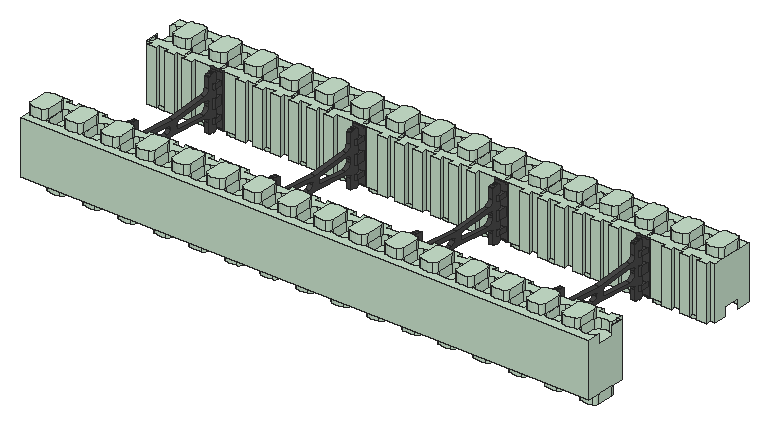
Revit family (continued)
Forms (in)
  Extrusion 51, void
    sketch origin (30, 11.25, 0) x (-1, 0, 0) y (0, -1, 0)
      loop
        arc (0.08325, 1.86045) -> (0.07894, 1.83764) -> (0.0666, 1.81798) r 0.0625
        arc (0.0666, 1.81798) -> (0.01724, 1.73932) -> (0, 1.64808) r 0.25
        line (0, 1.64808) -> (0, 0.72692)
        arc (0, 0.72692) -> (0.04785, 0.57983) -> (0.17308, 0.48905) r 0.25
        arc (0.17308, 0.48905) -> (0.5, 0.4375) -> (0.82692, 0.48905) r 1.0625
        arc (0.82692, 0.48905) -> (0.95215, 0.57983) -> (1, 0.72692) r 0.25
        line (1, 0.72692) -> (1, 1.64808)
        arc (1, 1.64808) -> (0.95215, 1.79517) -> (0.82692, 1.88595) r 0.25
        arc (0.82692, 1.88595) -> (0.57908, 1.93455) -> (0.32677, 1.92328) r 1.0625
        arc (0.32677, 1.92328) -> (0.27615, 1.93729) -> (0.25408, 1.98495) r 0.0625
        line (0.25408, 1.98495) -> (0.25408, 2.20655)
    from 0 to 0.5
  Extrusion 52, void
    sketch origin (28, 11.25, 0) x (-1, 0, 0) y (0, -1, 0)
      loop
        line (0.25408, 2.20655) -> (0.08325, 2.20655) -> (0.08325, 1.86045)
        arc (0.08325, 1.86045) -> (0.07894, 1.83764) -> (0.0666, 1.81798) r 0.0625
        arc (0.0666, 1.81798) -> (0.01724, 1.73932) -> (0, 1.64808) r 0.25
        line (0, 1.64808) -> (0, 0.72692)
        arc (0, 0.72692) -> (0.04785, 0.57983) -> (0.17308, 0.48905) r 0.25
        arc (0.17308, 0.48905) -> (0.5, 0.4375) -> (0.82692, 0.48905) r 1.0625
        arc (0.82692, 0.48905) -> (0.95215, 0.57983) -> (1, 0.72692) r 0.25
        line (1, 0.72692) -> (1, 1.64808)
        arc (1, 1.64808) -> (0.95215, 1.79517) -> (0.82692, 1.88595) r 0.25
        arc (0.82692, 1.88595) -> (0.57908, 1.93455) -> (0.32677, 1.92328) r 1.0625
        arc (0.32677, 1.92328) -> (0.27615, 1.93729) -> (0.25408, 1.98495) r 0.0625
        line (0.25408, 1.98495) -> (0.25408, 2.20655)
    from 0 to 0.5
  Extrusion 53, void
    sketch origin (26, 11.25, 0) x (-1, 0, 0) y (0, -1, 0)
      loop
        line (0.25408, 2.20655) -> (0.08325, 2.20655) -> (0.08325, 1.86045)
        arc (0.08325, 1.86045) -> (0.07894, 1.83764) -> (0.0666, 1.81798) r 0.0625
        arc (0.0666, 1.81798) -> (0.01724, 1.73932) -> (0, 1.64808) r 0.25
        line (0, 1.64808) -> (0, 0.72692)
        arc (0, 0.72692) -> (0.04785, 0.57983) -> (0.17308, 0.48905) r 0.25
        arc (0.17308, 0.48905) -> (0.5, 0.4375) -> (0.82692, 0.48905) r 1.0625
        arc (0.82692, 0.48905) -> (0.95215, 0.57983) -> (1, 0.72692) r 0.25
        line (1, 0.72692) -> (1, 1.64808)
        arc (1, 1.64808) -> (0.95215, 1.79517) -> (0.82692, 1.88595) r 0.25
        arc (0.82692, 1.88595) -> (0.57908, 1.93455) -> (0.32677, 1.92328) r 1.0625
        arc (0.32677, 1.92328) -> (0.27615, 1.93729) -> (0.25408, 1.98495) r 0.0625
        line (0.25408, 1.98495) -> (0.25408, 2.20655)
    from 0 to 0.5
  Extrusion 54, void
    sketch origin (24, 11.25, 0) x (-1, 0, 0) y (0, -1, 0)
      loop
        line (0.25408, 2.20655) -> (0.08325, 2.20655) -> (0.08325, 1.86045)
        arc (0.08325, 1.86045) -> (0.07894, 1.83764) -> (0.0666, 1.81798) r 0.0625
        arc (0.0666, 1.81798) -> (0.01724, 1.73932) -> (0, 1.64808) r 0.25
        line (0, 1.64808) -> (0, 0.72692)
        arc (0, 0.72692) -> (0.04785, 0.57983) -> (0.17308, 0.48905) r 0.25
        arc (0.17308, 0.48905) -> (0.5, 0.4375) -> (0.82692, 0.48905) r 1.0625
        arc (0.82692, 0.48905) -> (0.95215, 0.57983) -> (1, 0.72692) r 0.25
        line (1, 0.72692) -> (1, 1.64808)
        arc (1, 1.64808) -> (0.95215, 1.79517) -> (0.82692, 1.88595) r 0.25
        arc (0.82692, 1.88595) -> (0.57908, 1.93455) -> (0.32677, 1.92328) r 1.0625
        arc (0.32677, 1.92328) -> (0.27615, 1.93729) -> (0.25408, 1.98495) r 0.0625
        line (0.25408, 1.98495) -> (0.25408, 2.20655)
    from 0 to 0.5
  Extrusion 55, void
    sketch origin (22, 11.25, 0) x (-1, 0, 0) y (0, -1, 0)
      loop
        line (0.25408, 2.20655) -> (0.08325, 2.20655) -> (0.08325, 1.86045)
        arc (0.08325, 1.86045) -> (0.07894, 1.83764) -> (0.0666, 1.81798) r 0.0625
        arc (0.0666, 1.81798) -> (0.01724, 1.73932) -> (0, 1.64808) r 0.25
        line (0, 1.64808) -> (0, 0.72692)
        arc (0, 0.72692) -> (0.04785, 0.57983) -> (0.17308, 0.48905) r 0.25
        arc (0.17308, 0.48905) -> (0.5, 0.4375) -> (0.82692, 0.48905) r 1.0625
        arc (0.82692, 0.48905) -> (0.95215, 0.57983) -> (1, 0.72692) r 0.25
        line (1, 0.72692) -> (1, 1.64808)
        arc (1, 1.64808) -> (0.95215, 1.79517) -> (0.82692, 1.88595) r 0.25
        arc (0.82692, 1.88595) -> (0.57908, 1.93455) -> (0.32677, 1.92328) r 1.0625
        arc (0.32677, 1.92328) -> (0.27615, 1.93729) -> (0.25408, 1.98495) r 0.0625
        line (0.25408, 1.98495) -> (0.25408, 2.20655)
    from 0 to 0.5
  Extrusion 56, void
    sketch origin (20, 11.25, 0) x (-1, 0, 0) y (0, -1, 0)
      loop
        line (0.25408, 2.20655) -> (0.08325, 2.20655) -> (0.08325, 1.86045)
        arc (0.08325, 1.86045) -> (0.07894, 1.83764) -> (0.0666, 1.81798) r 0.0625
        arc (0.0666, 1.81798) -> (0.01724, 1.73932) -> (0, 1.64808) r 0.25
        line (0, 1.64808) -> (0, 0.72692)
        arc (0, 0.72692) -> (0.04785, 0.57983) -> (0.17308, 0.48905) r 0.25
        arc (0.17308, 0.48905) -> (0.5, 0.4375) -> (0.82692, 0.48905) r 1.0625
        arc (0.82692, 0.48905) -> (0.95215, 0.57983) -> (1, 0.72692) r 0.25
        line (1, 0.72692) -> (1, 1.64808)
        arc (1, 1.64808) -> (0.95215, 1.79517) -> (0.82692, 1.88595) r 0.25
        arc (0.82692, 1.88595) -> (0.57908, 1.93455) -> (0.32677, 1.92328) r 1.0625
        arc (0.32677, 1.92328) -> (0.27615, 1.93729) -> (0.25408, 1.98495) r 0.0625
        line (0.25408, 1.98495) -> (0.25408, 2.20655)
    from 0 to 0.5
  Extrusion 57, void
    sketch origin (18, 11.25, 0) x (-1, 0, 0) y (0, -1, 0)
      loop
        line (0.25408, 2.20655) -> (0.08325, 2.20655) -> (0.08325, 1.86045)
        arc (0.08325, 1.86045) -> (0.07894, 1.83764) -> (0.0666, 1.81798) r 0.0625
        arc (0.0666, 1.81798) -> (0.01724, 1.73932) -> (0, 1.64808) r 0.25
        line (0, 1.64808) -> (0, 0.72692)
        arc (0, 0.72692) -> (0.04785, 0.57983) -> (0.17308, 0.48905) r 0.25
        arc (0.17308, 0.48905) -> (0.5, 0.4375) -> (0.82692, 0.48905) r 1.0625
        arc (0.82692, 0.48905) -> (0.95215, 0.57983) -> (1, 0.72692) r 0.25
        line (1, 0.72692) -> (1, 1.64808)
        arc (1, 1.64808) -> (0.95215, 1.79517) -> (0.82692, 1.88595) r 0.25
        arc (0.82692, 1.88595) -> (0.57908, 1.93455) -> (0.32677, 1.92328) r 1.0625
        arc (0.32677, 1.92328) -> (0.27615, 1.93729) -> (0.25408, 1.98495) r 0.0625
        line (0.25408, 1.98495) -> (0.25408, 2.20655)
    from 0 to 0.5
  Extrusion 58, void
    sketch origin (16, 11.25, 0) x (-1, 0, 0) y (0, -1, 0)
      loop
        line (0.25408, 2.20655) -> (0.08325, 2.20655) -> (0.08325, 1.86045)
        arc (0.08325, 1.86045) -> (0.07894, 1.83764) -> (0.0666, 1.81798) r 0.0625
        arc (0.0666, 1.81798) -> (0.01724, 1.73932) -> (0, 1.64808) r 0.25
        line (0, 1.64808) -> (0, 0.72692)
        arc (0, 0.72692) -> (0.04785, 0.57983) -> (0.17308, 0.48905) r 0.25
        arc (0.17308, 0.48905) -> (0.5, 0.4375) -> (0.82692, 0.48905) r 1.0625
        arc (0.82692, 0.48905) -> (0.95215, 0.57983) -> (1, 0.72692) r 0.25
        line (1, 0.72692) -> (1, 1.64808)
        arc (1, 1.64808) -> (0.95215, 1.79517) -> (0.82692, 1.88595) r 0.25
        arc (0.82692, 1.88595) -> (0.57908, 1.93455) -> (0.32677, 1.92328) r 1.0625
        arc (0.32677, 1.92328) -> (0.27615, 1.93729) -> (0.25408, 1.98495) r 0.0625
        line (0.25408, 1.98495) -> (0.25408, 2.20655)
    from 0 to 0.5
  Extrusion 59, void
    sketch origin (14, 11.25, 0) x (-1, 0, 0) y (0, -1, 0)
      loop
        line (0.25408, 2.20655) -> (0.08325, 2.20655) -> (0.08325, 1.86045)
        arc (0.08325, 1.86045) -> (0.07894, 1.83764) -> (0.0666, 1.81798) r 0.0625
        arc (0.0666, 1.81798) -> (0.01724, 1.73932) -> (0, 1.64808) r 0.25
        line (0, 1.64808) -> (0, 0.72692)
        arc (0, 0.72692) -> (0.04785, 0.57983) -> (0.17308, 0.48905) r 0.25
        arc (0.17308, 0.48905) -> (0.5, 0.4375) -> (0.82692, 0.48905) r 1.0625
        arc (0.82692, 0.48905) -> (0.95215, 0.57983) -> (1, 0.72692) r 0.25
        line (1, 0.72692) -> (1, 1.64808)
        arc (1, 1.64808) -> (0.95215, 1.79517) -> (0.82692, 1.88595) r 0.25
        arc (0.82692, 1.88595) -> (0.57908, 1.93455) -> (0.32677, 1.92328) r 1.0625
        arc (0.32677, 1.92328) -> (0.27615, 1.93729) -> (0.25408, 1.98495) r 0.0625
        line (0.25408, 1.98495) -> (0.25408, 2.20655)
    from 0 to 0.5
  Extrusion 60, void
    sketch origin (12, 11.25, 0) x (-1, 0, 0) y (0, -1, 0)
      loop
        line (0.25408, 2.20655) -> (0.08325, 2.20655) -> (0.08325, 1.86045)
        arc (0.08325, 1.86045) -> (0.07894, 1.83764) -> (0.0666, 1.81798) r 0.0625
        arc (0.0666, 1.81798) -> (0.01724, 1.73932) -> (0, 1.64808) r 0.25
        line (0, 1.64808) -> (0, 0.72692)
        arc (0, 0.72692) -> (0.04785, 0.57983) -> (0.17308, 0.48905) r 0.25
        arc (0.17308, 0.48905) -> (0.5, 0.4375) -> (0.82692, 0.48905) r 1.0625
        arc (0.82692, 0.48905) -> (0.95215, 0.57983) -> (1, 0.72692) r 0.25
        line (1, 0.72692) -> (1, 1.64808)
        arc (1, 1.64808) -> (0.95215, 1.79517) -> (0.82692, 1.88595) r 0.25
        arc (0.82692, 1.88595) -> (0.57908, 1.93455) -> (0.32677, 1.92328) r 1.0625
        arc (0.32677, 1.92328) -> (0.27615, 1.93729) -> (0.25408, 1.98495) r 0.0625
        line (0.25408, 1.98495) -> (0.25408, 2.20655)
    from 0 to 0.5
  Extrusion 61, void
    sketch origin (10, 11.25, 0) x (-1, 0, 0) y (0, -1, 0)
      loop
        line (0.25408, 2.20655) -> (0.08325, 2.20655) -> (0.08325, 1.86045)
        arc (0.08325, 1.86045) -> (0.07894, 1.83764) -> (0.0666, 1.81798) r 0.0625
        arc (0.0666, 1.81798) -> (0.01724, 1.73932) -> (0, 1.64808) r 0.25
        line (0, 1.64808) -> (0, 0.72692)
        arc (0, 0.72692) -> (0.04785, 0.57983) -> (0.17308, 0.48905) r 0.25
        arc (0.17308, 0.48905) -> (0.5, 0.4375) -> (0.82692, 0.48905) r 1.0625
        arc (0.82692, 0.48905) -> (0.95215, 0.57983) -> (1, 0.72692) r 0.25
        line (1, 0.72692) -> (1, 1.64808)
        arc (1, 1.64808) -> (0.95215, 1.79517) -> (0.82692, 1.88595) r 0.25
        arc (0.82692, 1.88595) -> (0.57908, 1.93455) -> (0.32677, 1.92328) r 1.0625
        arc (0.32677, 1.92328) -> (0.27615, 1.93729) -> (0.25408, 1.98495) r 0.0625
        line (0.25408, 1.98495) -> (0.25408, 2.20655)
    from 0 to 0.5
  Extrusion 62, void
    sketch origin (8, 11.25, 0) x (-1, 0, 0) y (0, -1, 0)
      loop
        line (0.25408, 2.20655) -> (0.08325, 2.20655) -> (0.08325, 1.86045)
        arc (0.08325, 1.86045) -> (0.07894, 1.83764) -> (0.0666, 1.81798) r 0.0625
        arc (0.0666, 1.81798) -> (0.01724, 1.73932) -> (0, 1.64808) r 0.25
        line (0, 1.64808) -> (0, 0.72692)
        arc (0, 0.72692) -> (0.04785, 0.57983) -> (0.17308, 0.48905) r 0.25
        arc (0.17308, 0.48905) -> (0.5, 0.4375) -> (0.82692, 0.48905) r 1.0625
        arc (0.82692, 0.48905) -> (0.95215, 0.57983) -> (1, 0.72692) r 0.25
        line (1, 0.72692) -> (1, 1.64808)
        arc (1, 1.64808) -> (0.95215, 1.79517) -> (0.82692, 1.88595) r 0.25
        arc (0.82692, 1.88595) -> (0.57908, 1.93455) -> (0.32677, 1.92328) r 1.0625
        arc (0.32677, 1.92328) -> (0.27615, 1.93729) -> (0.25408, 1.98495) r 0.0625
        line (0.25408, 1.98495) -> (0.25408, 2.20655)
    from 0 to 0.5
  Extrusion 63, void
    sketch origin (6, 11.25, 0) x (-1, 0, 0) y (0, -1, 0)
      loop
        line (0.25408, 2.20655) -> (0.08325, 2.20655) -> (0.08325, 1.86045)
        arc (0.08325, 1.86045) -> (0.07894, 1.83764) -> (0.0666, 1.81798) r 0.0625
        arc (0.0666, 1.81798) -> (0.01724, 1.73932) -> (0, 1.64808) r 0.25
        line (0, 1.64808) -> (0, 0.72692)
        arc (0, 0.72692) -> (0.04785, 0.57983) -> (0.17308, 0.48905) r 0.25
        arc (0.17308, 0.48905) -> (0.5, 0.4375) -> (0.82692, 0.48905) r 1.0625
        arc (0.82692, 0.48905) -> (0.95215, 0.57983) -> (1, 0.72692) r 0.25
        line (1, 0.72692) -> (1, 1.64808)
        arc (1, 1.64808) -> (0.95215, 1.79517) -> (0.82692, 1.88595) r 0.25
        arc (0.82692, 1.88595) -> (0.57908, 1.93455) -> (0.32677, 1.92328) r 1.0625
        arc (0.32677, 1.92328) -> (0.27615, 1.93729) -> (0.25408, 1.98495) r 0.0625
        line (0.25408, 1.98495) -> (0.25408, 2.20655)
    from 0 to 0.5
  Extrusion 64, void
    sketch origin (4, 11.25, 0) x (-1, 0, 0) y (0, -1, 0)
      loop
        line (0.25408, 2.20655) -> (0.08325, 2.20655) -> (0.08325, 1.86045)
        arc (0.08325, 1.86045) -> (0.07894, 1.83764) -> (0.0666, 1.81798) r 0.0625
        arc (0.0666, 1.81798) -> (0.01724, 1.73932) -> (0, 1.64808) r 0.25
        line (0, 1.64808) -> (0, 0.72692)
        arc (0, 0.72692) -> (0.04785, 0.57983) -> (0.17308, 0.48905) r 0.25
        arc (0.17308, 0.48905) -> (0.5, 0.4375) -> (0.82692, 0.48905) r 1.0625
        arc (0.82692, 0.48905) -> (0.95215, 0.57983) -> (1, 0.72692) r 0.25
        line (1, 0.72692) -> (1, 1.64808)
        arc (1, 1.64808) -> (0.95215, 1.79517) -> (0.82692, 1.88595) r 0.25
        arc (0.82692, 1.88595) -> (0.57908, 1.93455) -> (0.32677, 1.92328) r 1.0625
        arc (0.32677, 1.92328) -> (0.27615, 1.93729) -> (0.25408, 1.98495) r 0.0625
        line (0.25408, 1.98495) -> (0.25408, 2.20655)
    from 0 to 0.5
  Extrusion 65, void
    sketch origin (2, 11.25, 0) x (-1, 0, 0) y (0, -1, 0)
      loop
        line (0.25408, 2.20655) -> (0.08325, 2.20655) -> (0.08325, 1.86045)
        arc (0.08325, 1.86045) -> (0.07894, 1.83764) -> (0.0666, 1.81798) r 0.0625
        arc (0.0666, 1.81798) -> (0.01724, 1.73932) -> (0, 1.64808) r 0.25
        line (0, 1.64808) -> (0, 0.72692)
        arc (0, 0.72692) -> (0.04785, 0.57983) -> (0.17308, 0.48905) r 0.25
        arc (0.17308, 0.48905) -> (0.5, 0.4375) -> (0.82692, 0.48905) r 1.0625
        arc (0.82692, 0.48905) -> (0.95215, 0.57983) -> (1, 0.72692) r 0.25
        line (1, 0.72692) -> (1, 1.64808)
        arc (1, 1.64808) -> (0.95215, 1.79517) -> (0.82692, 1.88595) r 0.25
        arc (0.82692, 1.88595) -> (0.57908, 1.93455) -> (0.32677, 1.92328) r 1.0625
        arc (0.32677, 1.92328) -> (0.27615, 1.93729) -> (0.25408, 1.98495) r 0.0625
        line (0.25408, 1.98495) -> (0.25408, 2.20655)
    from 0 to 0.5
Cuts and joins
  Extrusion 2, Extrusion 3, Extrusion 4, Extrusion 5, Extrusion 6, Extrusion 7, Extrusion 8, Extrusion 9, Extrusion 10, Extrusion 11, Extrusion 12, Extrusion 13, Extrusion 14, Extrusion 15, Extrusion 16, Extrusion 17, Extrusion 18, Extrusion 19, Extrusion 20, Extrusion 21, Extrusion 22, Extrusion 23, Extrusion 24, Extrusion 25, Extrusion 26, Extrusion 27, Extrusion 28, Extrusion 29, Extrusion 30, Extrusion 31, Extrusion 32, Extrusion 33, Extrusion 34, Extrusion 35, Extrusion 36, Extrusion 37, Extrusion 38, Extrusion 39, Extrusion 40, Extrusion 41, Extrusion 42, Extrusion 43, Extrusion 44, Extrusion 45, Extrusion 46, Extrusion 47, Extrusion 48, Extrusion 49, Extrusion 50, Extrusion 51, Extrusion 52, Extrusion 53, Extrusion 54, Extrusion 55, Extrusion 56, Extrusion 57, Extrusion 58, Extrusion 59, Extrusion 60, Extrusion 61, Extrusion 62, Extrusion 63, Extrusion 64, Extrusion 65 cuts Extrusion 1
Dimensions and locks (in)
  locked: plane 3 "Center (Left/Right)" to plane 5 at 32
  locked: plane 5 to plane 3 "Center (Left/Right)" at 32
  locked: level to plane 6 at 3
  plane 4 to plane 7 to plane 8 = 0' - 6" locked, 0' - 2 5/8" locked
  locked: plane 1 "Center (Front/Back)" to plane 4 at 2.625
  plane 6 to level = 0' - 3"
  plane 8 to plane 7 to plane 4 to plane 1 "Center (Front/Back)" = 0' - 2 5/8", 0' - 6", 0' - 2 5/8"
  aligned and locked: cut or joined group 1 (Extrusion 1, Extrusion 2, Extrusion 3, Extrusion 4, Extrusion 5, Extrusion 6, Extrusion 7, Extrusion 8, Extrusion 9, Extrusion 10, Extrusion 11, Extrusion 12, Extrusion 13, Extrusion 14, Extrusion 15, Extrusion 16, Extrusion 17, Extrusion 18, Extrusion 19, Extrusion 20, Extrusion 21, Extrusion 22, Extrusion 23, Extrusion 24, Extrusion 25, Extrusion 26, Extrusion 27, Extrusion 28, Extrusion 29, Extrusion 30, Extrusion 31, Extrusion 32, Extrusion 33, Extrusion 34, Extrusion 35, Extrusion 36, Extrusion 37, Extrusion 38, Extrusion 39, Extrusion 40, Extrusion 41, Extrusion 42, Extrusion 43, Extrusion 44, Extrusion 45, Extrusion 46, Extrusion 47, Extrusion 48, Extrusion 49, Extrusion 50, Extrusion 51, Extrusion 52, Extrusion 53, Extrusion 54, Extrusion 55, Extrusion 56, Extrusion 57, Extrusion 58, Extrusion 59, Extrusion 60, Extrusion 61, Extrusion 62, Extrusion 63, Extrusion 64, Extrusion 65) to nested 15
  aligned and locked: cut or joined group 1 to nested 14
  aligned and locked: cut or joined group 1 to nested 13
  aligned and locked: cut or joined group 1 to nested 12
  aligned and locked: cut or joined group 1 to nested 11
  aligned and locked: cut or joined group 1 to nested 10
  aligned and locked: cut or joined group 1 to nested 9
  aligned and locked: cut or joined group 1 to nested 8
  aligned and locked: cut or joined group 1 to nested 7
  aligned and locked: cut or joined group 1 to nested 6
  aligned and locked: cut or joined group 1 to nested 5
  aligned and locked: cut or joined group 1 to nested 3
  aligned and locked: cut or joined group 1 to nested 2
  aligned and locked: nested 1 to cut or joined group 1
  aligned and locked: cut or joined group 1 to nested 69  (x2)
  aligned and locked: cut or joined group 1 to nested 72
  aligned and locked: cut or joined group 1 to nested 71
  aligned and locked: cut or joined group 1 to nested 70
Nested families (in)
  nested 1: "Interlock Tooth" at (0, 5.625, -15), type "Interlock Tooth"
  nested 2: "Interlock Tooth" at (2, 5.625, -15), type "Interlock Tooth"
  nested 3: "Interlock Tooth" at (4, 5.625, -15), type "Interlock Tooth"
  nested 4: "Interlock Tooth" at (6, 5.625, -15), type "Interlock Tooth"
  nested 5: "Interlock Tooth" at (8, 5.625, -15), type "Interlock Tooth"
  nested 6: "Interlock Tooth" at (10, 5.625, -15), type "Interlock Tooth"
  nested 7: "Interlock Tooth" at (12, 5.625, -15), type "Interlock Tooth"
  nested 8: "Interlock Tooth" at (14, 5.625, -15), type "Interlock Tooth"
  nested 9: "Interlock Tooth" at (16, 5.625, -15), type "Interlock Tooth"
  nested 10: "Interlock Tooth" at (18, 5.625, -15), type "Interlock Tooth"
  nested 11: "Interlock Tooth" at (20, 5.625, -15), type "Interlock Tooth"
  nested 12: "Interlock Tooth" at (22, 5.625, -15), type "Interlock Tooth"
  nested 13: "Interlock Tooth" at (24, 5.625, -15), type "Interlock Tooth"
  nested 14: "Interlock Tooth" at (26, 5.625, -15), type "Interlock Tooth"
  nested 15: "Interlock Tooth" at (28, 5.625, -15), type "Interlock Tooth"
  nested 16: "Interlock Tooth" at (30, 5.625, -15), type "Interlock Tooth"
  nested 17: "Interlock Tooth" at (3, 5.625, -18.5), type "Interlock Tooth"
  nested 18: "Interlock Tooth" at (5, 5.625, -18.5), type "Interlock Tooth"
  nested 19: "Interlock Tooth" at (7, 5.625, -18.5), type "Interlock Tooth"
  nested 20: "Interlock Tooth" at (9, 5.625, -18.5), type "Interlock Tooth"
  nested 21: "Interlock Tooth" at (1, 5.625, -18.5), type "Interlock Tooth"
  nested 22: "Interlock Tooth" at (11, 5.625, -18.5), type "Interlock Tooth"
  nested 23: "Interlock Tooth" at (13, 5.625, -18.5), type "Interlock Tooth"
  nested 24: "Interlock Tooth" at (15, 5.625, -18.5), type "Interlock Tooth"
  nested 25: "Interlock Tooth" at (17, 5.625, -18.5), type "Interlock Tooth"
  nested 26: "Interlock Tooth" at (19, 5.625, -18.5), type "Interlock Tooth"
  nested 27: "Interlock Tooth" at (21, 5.625, -18.5), type "Interlock Tooth"
  nested 28: "Interlock Tooth" at (23, 5.625, -18.5), type "Interlock Tooth"
  nested 29: "Interlock Tooth" at (25, 5.625, -18.5), type "Interlock Tooth"
  nested 30: "Interlock Tooth" at (27, 5.625, -18.5), type "Interlock Tooth"
  nested 31: "Interlock Tooth" at (29, 5.625, -18.5), type "Interlock Tooth"
  nested 32: "Interlock Tooth" at (31, 5.625, -18.5), type "Interlock Tooth"
  nested 33: "NUDURA 6-inch Height Adjuster Web" at (4, 5.625, 0), type "NUDURA 6-inch Height Adjuster Web"
  nested 34: "NUDURA 6-inch Height Adjuster Web" at (12, 5.625, 0), type "NUDURA 6-inch Height Adjuster Web"
  nested 35: "NUDURA 6-inch Height Adjuster Web" at (20, 5.625, 0), type "NUDURA 6-inch Height Adjuster Web"
  nested 36: "NUDURA 6-inch Height Adjuster Web" at (28, 5.625, 0), type "NUDURA 6-inch Height Adjuster Web"
  nested 37: "Interlock Tooth" at (32, 5.625, -15) x (-1, 0, 0) z (0, 0, 1), type "Interlock Tooth"
  nested 38: "Interlock Tooth" at (30, 5.625, -15) x (-1, 0, 0) z (0, 0, 1), type "Interlock Tooth"
  nested 39: "Interlock Tooth" at (28, 5.625, -15) x (-1, 0, 0) z (0, 0, 1), type "Interlock Tooth"
  nested 40: "Interlock Tooth" at (26, 5.625, -15) x (-1, 0, 0) z (0, 0, 1), type "Interlock Tooth"
  nested 41: "Interlock Tooth" at (24, 5.625, -15) x (-1, 0, 0) z (0, 0, 1), type "Interlock Tooth"
  nested 42: "Interlock Tooth" at (22, 5.625, -15) x (-1, 0, 0) z (0, 0, 1), type "Interlock Tooth"
  nested 43: "Interlock Tooth" at (20, 5.625, -15) x (-1, 0, 0) z (0, 0, 1), type "Interlock Tooth"
  nested 44: "Interlock Tooth" at (18, 5.625, -15) x (-1, 0, 0) z (0, 0, 1), type "Interlock Tooth"
  nested 45: "Interlock Tooth" at (16, 5.625, -15) x (-1, 0, 0) z (0, 0, 1), type "Interlock Tooth"
  nested 46: "Interlock Tooth" at (14, 5.625, -15) x (-1, 0, 0) z (0, 0, 1), type "Interlock Tooth"
  nested 47: "Interlock Tooth" at (12, 5.625, -15) x (-1, 0, 0) z (0, 0, 1), type "Interlock Tooth"
  nested 48: "Interlock Tooth" at (10, 5.625, -15) x (-1, 0, 0) z (0, 0, 1), type "Interlock Tooth"
  nested 49: "Interlock Tooth" at (8, 5.625, -15) x (-1, 0, 0) z (0, 0, 1), type "Interlock Tooth"
  nested 50: "Interlock Tooth" at (6, 5.625, -15) x (-1, 0, 0) z (0, 0, 1), type "Interlock Tooth"
  nested 51: "Interlock Tooth" at (4, 5.625, -15) x (-1, 0, 0) z (0, 0, 1), type "Interlock Tooth"
  nested 52: "Interlock Tooth" at (2, 5.625, -15) x (-1, 0, 0) z (0, 0, 1), type "Interlock Tooth"
  nested 53: "Interlock Tooth" at (29, 5.625, -18.5) x (-1, 0, 0) z (0, 0, 1), type "Interlock Tooth"
  nested 54: "Interlock Tooth" at (27, 5.625, -18.5) x (-1, 0, 0) z (0, 0, 1), type "Interlock Tooth"
  nested 55: "Interlock Tooth" at (25, 5.625, -18.5) x (-1, 0, 0) z (0, 0, 1), type "Interlock Tooth"
  nested 56: "Interlock Tooth" at (23, 5.625, -18.5) x (-1, 0, 0) z (0, 0, 1), type "Interlock Tooth"
  nested 57: "Interlock Tooth" at (31, 5.625, -18.5) x (-1, 0, 0) z (0, 0, 1), type "Interlock Tooth"
  nested 58: "Interlock Tooth" at (21, 5.625, -18.5) x (-1, 0, 0) z (0, 0, 1), type "Interlock Tooth"
  nested 59: "Interlock Tooth" at (19, 5.625, -18.5) x (-1, 0, 0) z (0, 0, 1), type "Interlock Tooth"
  nested 60: "Interlock Tooth" at (17, 5.625, -18.5) x (-1, 0, 0) z (0, 0, 1), type "Interlock Tooth"
  nested 61: "Interlock Tooth" at (15, 5.625, -18.5) x (-1, 0, 0) z (0, 0, 1), type "Interlock Tooth"
  nested 62: "Interlock Tooth" at (13, 5.625, -18.5) x (-1, 0, 0) z (0, 0, 1), type "Interlock Tooth"
  nested 63: "Interlock Tooth" at (11, 5.625, -18.5) x (-1, 0, 0) z (0, 0, 1), type "Interlock Tooth"
  nested 64: "Interlock Tooth" at (9, 5.625, -18.5) x (-1, 0, 0) z (0, 0, 1), type "Interlock Tooth"
  nested 65: "Interlock Tooth" at (7, 5.625, -18.5) x (-1, 0, 0) z (0, 0, 1), type "Interlock Tooth"
  nested 66: "Interlock Tooth" at (5, 5.625, -18.5) x (-1, 0, 0) z (0, 0, 1), type "Interlock Tooth"
  nested 67: "Interlock Tooth" at (3, 5.625, -18.5) x (-1, 0, 0) z (0, 0, 1), type "Interlock Tooth"
  nested 68: "Interlock Tooth" at (1, 5.625, -18.5) x (-1, 0, 0) z (0, 0, 1), type "Interlock Tooth"
  nested 69: "NUDURA Height Adjuster Diamond Pattern" at (24, 16.875, 0), type "NUDURA Height Adjuster Diamond Pattern"
  nested 70: "NUDURA Height Adjuster Diamond Pattern" at (16, 16.875, 0), type "NUDURA Height Adjuster Diamond Pattern"
  nested 71: "NUDURA Height Adjuster Diamond Pattern" at (8, 16.875, 0), type "NUDURA Height Adjuster Diamond Pattern"
  nested 72: "NUDURA Height Adjuster Diamond Pattern" at (0, 16.875, 0), type "NUDURA Height Adjuster Diamond Pattern"
  nested 73: "NUDURA Height Adjuster Diamond Pattern" at (24, -5.625, 0), type "NUDURA Height Adjuster Diamond Pattern"
  nested 74: "NUDURA Height Adjuster Diamond Pattern" at (16, -5.625, 0), type "NUDURA Height Adjuster Diamond Pattern"
  nested 75: "NUDURA Height Adjuster Diamond Pattern" at (8, -5.625, 0), type "NUDURA Height Adjuster Diamond Pattern"
  nested 76: "NUDURA Height Adjuster Diamond Pattern" at (0, -5.625, 0), type "NUDURA Height Adjuster Diamond Pattern"
Definition of nested family "Interlock Tooth"
  Reference planes (in)
    plane 1 "Center (Front/Back)": y = 0
    plane 2: z = 0
    plane 3 "Center (Left/Right)": x = 0
    plane 4: z = 18
    plane 5: z = 18.5
    plane 6: z = -0.5
  Forms (in)
    Extrusion 1, solid, material "EPS- NUDURA- Foam Panel"
      sketch origin (0, -8.875, 0) x (1, 0, 0) y (0, 1, 0)
        loop
          arc (0, 3.97692) -> (0.04785, 3.82983) -> (0.17308, 3.73905) r 0.25
          arc (0.17308, 3.73905) -> (0.5, 3.6875) -> (0.82692, 3.73905) r 1.0625
          arc (0.82692, 3.73905) -> (0.95215, 3.82983) -> (1, 3.97692) r 0.25
          line (1, 3.97692) -> (1, 4.89808)
          arc (1, 4.89808) -> (0.95215, 5.04517) -> (0.82692, 5.13595) r 0.25
          arc (0.82692, 5.13595) -> (0.5, 5.1875) -> (0.17308, 5.13595) r 1.0625
          arc (0.17308, 5.13595) -> (0.04785, 5.04517) -> (0, 4.89808) r 0.25
          line (0, 4.89808) -> (0, 3.97692)
      from 18 to 18.5
  Dimensions and locks (in)
    locked: plane 4 to level at 18
    locked: plane 4 to plane 5 at 0.5
    locked: plane 6 to level at 0.5
Definition of nested family "NUDURA 6-inch Height Adjuster Web"
  Reference planes (in)
    plane 1 "Center (Front/Back)": y = 0
    plane 2: z = 0
    plane 3 "Center (Left/Right)": x = 0
    plane 4: z = 3
    plane 5: z = 0.5
    plane 6: z = 2.5
    plane 7: z = 2.25
    plane 8: z = 0.75
    plane 9: z = 1.25
    plane 10: z = 1.75
  Forms (in)
    Extrusion 1, solid, material "High Density Polystyrene- NUDURA"
      sketch origin (0, 0.2725, 0) x (0, 1, 0) y (0, 0, 1)
        loop
          line (2.9775, 0) -> (2.9775, 3)
          arc (2.9775, 3) -> (2.94863, 2.98025) -> (2.9375, 2.94708) r 0.055
          line (2.9375, 2.94708) -> (2.9375, 0.05292)
          arc (2.9375, 0.05292) -> (2.94863, 0.01975) -> (2.9775, 0) r 0.055
        loop
          arc (-3.5225, 0) -> (-3.49362, 0.01975) -> (-3.48249, 0.05292) r 0.055
          line (-3.48249, 0.05292) -> (-3.48249, 2.94708)
          arc (-3.48249, 2.94708) -> (-3.49362, 2.98025) -> (-3.5225, 3) r 0.055
          line (-3.5225, 3) -> (-3.5225, 0)
      from -0.36328 to 0.36328
    Extrusion 2, solid, material "High Density Polystyrene- NUDURA"
      sketch origin (0, 0.02, 0) x (0, 1, 0) y (0, 0, 1)
        loop
          arc (2.48, 2.35806) -> (2.40075, 2.15491) -> (2.20488, 2.05909) r 0.3
          line (2.20488, 2.05909) -> (-0.02, 1.87393) -> (-2.24488, 2.05909)
          arc (-2.24488, 2.05909) -> (-2.44076, 2.15491) -> (-2.52, 2.35806) r 0.3
          line (-2.52, 2.35806) -> (-2.52, 2.92107) -> (-2.62, 2.92107)
          arc (-2.62, 2.92107) -> (-2.63433, 2.95567) -> (-2.66893, 2.97) r 0.04893
          line (-2.66893, 2.97) -> (-2.82, 2.97) -> (-2.85, 3) -> (-2.94, 3) -> (-3.02, 2.92) -> (-3.02, 0.08) -> (-2.94, 0) -> (-2.85, 0) -> (-2.82, 0.03) -> (-2.66893, 0.03)
          arc (-2.66893, 0.03) -> (-2.63433, 0.04433) -> (-2.62, 0.07893) r 0.04893
          line (-2.62, 0.07893) -> (-2.52, 0.07893) -> (-2.52, 0.6398)
          arc (-2.52, 0.6398) -> (-2.44076, 0.84294) -> (-2.24488, 0.93876) r 0.3
          line (-2.24488, 0.93876) -> (-0.02, 1.12393) -> (2.20488, 0.93876)
          arc (2.20488, 0.93876) -> (2.40075, 0.84294) -> (2.48, 0.6398) r 0.3
          line (2.48, 0.6398) -> (2.48, 0.07893) -> (2.58, 0.07893)
          arc (2.58, 0.07893) -> (2.59433, 0.04433) -> (2.62892, 0.03) r 0.04893
          line (2.62892, 0.03) -> (2.78, 0.03) -> (2.81, 0) -> (2.9, 0) -> (2.98, 0.08) -> (2.98, 2.92) -> (2.9, 3) -> (2.81, 3) -> (2.78, 2.97) -> (2.62892, 2.97)
          arc (2.62892, 2.97) -> (2.59433, 2.95567) -> (2.58, 2.92107) r 0.04893
          line (2.58, 2.92107) -> (2.48, 2.92107) -> (2.48, 2.35806)
        loop
          arc (0.18077, 1.49893) -> (0.22701, 1.35251) -> (0.36341, 1.28202) r 0.2
          line (0.36341, 1.28202) -> (2.15512, 1.1329)
          arc (2.15512, 1.1329) -> (2.38314, 1.21112) -> (2.48, 1.43187) r 0.3
          line (2.48, 1.43187) -> (2.48, 1.56598)
          arc (2.48, 1.56598) -> (2.38314, 1.78674) -> (2.15512, 1.86495) r 0.3
          line (2.15512, 1.86495) -> (0.36341, 1.71584)
          arc (0.36341, 1.71584) -> (0.22701, 1.64534) -> (0.18077, 1.49893) r 0.2
        loop
          arc (-0.22078, 1.49893) -> (-0.26701, 1.64534) -> (-0.40341, 1.71584) r 0.2
          line (-0.40341, 1.71584) -> (-2.19512, 1.86495)
          arc (-2.19512, 1.86495) -> (-2.42315, 1.78674) -> (-2.52, 1.56598) r 0.3
          line (-2.52, 1.56598) -> (-2.52, 1.43187)
          arc (-2.52, 1.43187) -> (-2.42315, 1.21112) -> (-2.19512, 1.1329) r 0.3
          line (-2.19512, 1.1329) -> (-0.40341, 1.28202)
          arc (-0.40341, 1.28202) -> (-0.26701, 1.35251) -> (-0.22078, 1.49893) r 0.2
      from -0.125 to 0.125
    Extrusion 3, void
      sketch origin (0, 0, -0.08679) x (-1, 0, 0) y (0, -1, 0)
        loop
          arc (-0.25, -2.79249) -> (-0.22584, -2.73416) -> (-0.1675, -2.71) r 0.0825
          line (-0.1675, -2.71) -> (-0.25, -2.71) -> (-0.25, -2.79249)
      from 0.58679 to 2.58679
    Extrusion 4, void
      sketch origin (0, 0, 0) x (1, 0, 0) y (0, 1, 0)
        loop
          arc (-0.25, -2.79249) -> (-0.22584, -2.73416) -> (-0.1675, -2.71) r 0.0825
          line (-0.1675, -2.71) -> (-0.25, -2.71) -> (-0.25, -2.79249)
      from 0.5 to 2.5
    Extrusion 5, void
      sketch origin (0, 0, 0) x (-1, 0, 0) y (0, -1, 0)
        loop
          line (-0.25, 2.79249) -> (-0.25, 2.71) -> (-0.1675, 2.71)
          arc (-0.1675, 2.71) -> (-0.22584, 2.73416) -> (-0.25, 2.79249) r 0.0825
      from 0.5 to 2.5
    Extrusion 6, solid, material "High Density Polystyrene- NUDURA"
      sketch origin (0, 0, 0) x (0, 1, 0) y (0, 0, 1)
        loop
          line (3.21, 2.5) -> (2.71, 2.5) -> (2.71, 2.25) -> (3.21, 2.25) -> (3.21, 2.5)
        loop
          line (3.21, 1.75) -> (2.71, 1.75) -> (2.71, 1.25) -> (3.21, 1.25) -> (3.21, 1.75)
        loop
          line (3.21, 0.75) -> (2.71, 0.75) -> (2.71, 0.5) -> (3.21, 0.5) -> (3.21, 0.75)
        loop
          line (-3.21, 2.5) -> (-3.21, 2.25) -> (-2.71, 2.25) -> (-2.71, 2.5) -> (-3.21, 2.5)
        loop
          line (-3.21, 1.75) -> (-3.21, 1.25) -> (-2.71, 1.25) -> (-2.71, 1.75) -> (-3.21, 1.75)
        loop
          line (-3.21, 0.75) -> (-3.21, 0.5) -> (-2.71, 0.5) -> (-2.71, 0.75) -> (-3.21, 0.75)
      from -0.25 to 0.25
  Cuts and joins
    Extrusion 3, Extrusion 4, Extrusion 5 cuts Extrusion 6
Definition of nested family "NUDURA Height Adjuster Diamond Pattern"
  Reference planes (in)
    plane 1 "Center (Front/Back)": y = 0
    plane 2: z = 0
    plane 3 "Center (Left/Right)": x = 0
    plane 4: z = 3
  Lines and regions (in)
    model lines
      curve 1: line (8, -5.625, 3) -> (8, -5.625, 0)
      curve 2: line (6, -5.625, 3) -> (6, -5.625, 0)
      curve 3: line (2, -5.625, 3) -> (2, -5.625, 0)
      curve 4: line (4.634, -5.625, 2.51517) -> (4.29059, -5.625, 2.85858)
      curve 5: arc (4.634, -5.625, 1.98484) -> (4.74384, -5.625, 2.25) -> (4.634, -5.625, 2.51517) r 0.375
      curve 6: line (4.29059, -5.625, 1.64142) -> (4.634, -5.625, 1.98484)
      curve 7: line (3.35367, -5.625, 1.98484) -> (3.69709, -5.625, 1.64142)
      curve 8: arc (3.35367, -5.625, 2.51517) -> (3.24384, -5.625, 2.25) -> (3.35367, -5.625, 1.98484) r 0.375
      curve 9: line (3.69709, -5.625, 2.85858) -> (3.35367, -5.625, 2.51517)
      curve 10: arc (4.17062, -5.625, 2.80178) -> (3.99384, -5.625, 2.875) -> (3.81706, -5.625, 2.80178) r 0.25
      curve 11: line (3.81706, -5.625, 2.80178) -> (3.44206, -5.625, 2.42678)
      curve 12: arc (3.44206, -5.625, 2.42678) -> (3.36884, -5.625, 2.25) -> (3.44206, -5.625, 2.07322) r 0.25
      curve 13: line (3.44206, -5.625, 2.07322) -> (3.81706, -5.625, 1.69822)
      curve 14: arc (3.81706, -5.625, 1.69822) -> (3.99384, -5.625, 1.625) -> (4.17062, -5.625, 1.69822) r 0.25
      curve 15: line (4.17062, -5.625, 1.69822) -> (4.54562, -5.625, 2.07322)
      curve 16: arc (4.54562, -5.625, 2.07322) -> (4.61884, -5.625, 2.25) -> (4.54562, -5.625, 2.42678) r 0.25
      curve 17: line (4.54562, -5.625, 2.42678) -> (4.17062, -5.625, 2.80178)
      curve 18: arc (3.69709, -5.625, 1.35858) -> (3.75567, -5.625, 1.5) -> (3.69709, -5.625, 1.64142) r 0.2
      curve 19: line (3.69709, -5.625, 1.35858) -> (3.35367, -5.625, 1.01517)
      curve 20: arc (3.35367, -5.625, 1.01517) -> (3.24384, -5.625, 0.75) -> (3.35367, -5.625, 0.48484) r 0.375
      curve 21: line (3.35367, -5.625, 0.48484) -> (3.72867, -5.625, 0.10984)
      curve 22: arc (3.72867, -5.625, 0.10984) -> (3.99384, -5.625, 0) -> (4.259, -5.625, 0.10984) r 0.375
      curve 23: line (4.259, -5.625, 0.10984) -> (4.634, -5.625, 0.48484)
      curve 24: arc (4.634, -5.625, 0.48484) -> (4.74384, -5.625, 0.75) -> (4.634, -5.625, 1.01517) r 0.375
      curve 25: line (4.634, -5.625, 1.01517) -> (4.29059, -5.625, 1.35858)
      curve 26: arc (4.29059, -5.625, 1.64142) -> (4.23201, -5.625, 1.5) -> (4.29059, -5.625, 1.35858) r 0.2
      curve 27: arc (4.17062, -5.625, 1.30178) -> (3.99384, -5.625, 1.375) -> (3.81706, -5.625, 1.30178) r 0.25
      curve 28: line (4.54562, -5.625, 0.92678) -> (4.17062, -5.625, 1.30178)
      curve 29: arc (4.54562, -5.625, 0.57322) -> (4.61884, -5.625, 0.75) -> (4.54562, -5.625, 0.92678) r 0.25
      curve 30: line (4.17062, -5.625, 0.19822) -> (4.54562, -5.625, 0.57322)
      curve 31: arc (3.81706, -5.625, 0.19822) -> (3.99384, -5.625, 0.125) -> (4.17062, -5.625, 0.19822) r 0.25
      curve 32: line (3.44206, -5.625, 0.57322) -> (3.81706, -5.625, 0.19822)
      curve 33: arc (3.44206, -5.625, 0.92678) -> (3.36884, -5.625, 0.75) -> (3.44206, -5.625, 0.57322) r 0.25
      curve 34: line (3.81706, -5.625, 1.30178) -> (3.44206, -5.625, 0.92678)
      curve 35: arc (4.259, -5.625, 2.89017) -> (3.99384, -5.625, 3) -> (3.72867, -5.625, 2.89017) r 0.375
